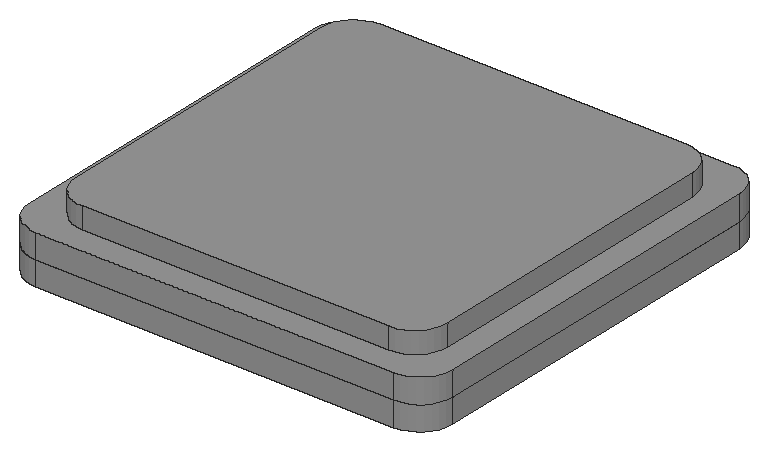
Revit family "FMS2_63_UN_Surface-mounted_ETK", category Lighting Fixtures, Revit 2019 (continued)
Definition of nested family "FMS.2 - Lightsource"
  Types (14, lengths in mm): name | Wattage Comments | Wattage | built-in parameter 1150134 | Photometric Web File | built-in parameter 1150142 | built-in parameter 1150105 | Lumens | built-in parameter 1150107 | built-in parameter 1150106 | Apparent Load
      775.0296\t769.878\t764.4402\t759.0024\t753.5646\t748.1268\t742.689\t737.2512\r\n732.0996\t725.8032\t719.2206\t712.638\t706.0554\t699.759\t693.1764\t686.5938\t680.0112\t673.7148\r\n667.1322\t660.5496\t654.2532\t647.6706\t641.088\t634.7916\t628.209\t621.6264\t615.33\t608.7474\r\n602.1648\t595.296\t587.8548\t580.4136\t573.2586\t565.8174\t558.6624\t551.2212\t544.0662\t536.625\r\n529.47\t522.0288\t514.8738\t507.4326\t500.2776\t492.8364\t485.6814\t478.2402\t471.0852\t463.644\r\n456.489\t448.7616\t441.0342\t433.3068\t425.5794\t417.852\t410.1246\t402.111\t394.3836\t386.6562\r\n378.9288\t371.2014\t363.474\t355.7466\t348.0192\t340.2918\t332.5644\t324.837\t317.1096\t309.3822\r\n301.6548\t294.2136\t286.7724\t279.1595\t271.7183\t264.2485\t256.7786\t249.3374\t241.8676\t234.4264\r\n226.9566\t219.4868\t212.0456\t204.5758\t197.1346\t189.6647\t182.2235\t174.7537\t167.3125\t159.8427\r\n152.4015\t137.7481\t122.4936\t107.2678\t92.0133\t76.7875\t61.533\t46.3072\t31.0527\t15.8183\r\n0.577\t0\t0\t0\t0\t0\t0\t0\t0\t0\r\n0\r\n985.6728\t985.1004\t984.2418\t983.3832\t982.5246\t981.9522\t981.0936\t980.5212\t979.6626\t979.0902\r\n978.2316\t977.6592\t976.8006\t975.942\t975.0834\t974.511\t973.6524\t972.7938\t971.9352\t971.0766\r\n970.218\t968.2146\t965.6388\t963.3492\t960.7734\t958.4838\t955.908\t953.6184\t951.0426\t948.4668\r\n946.1772\t943.6014\t941.0256\t938.4498\t936.1602\t933.5844\t931.0086\t928.4328\t925.857\t923.2812\r\n920.7054\t917.5572\t913.2642\t909.2574\t905.2506\t900.9576\t896.9508\t892.944\t888.9372\t884.6442\r\n880.6374\t876.6306\t872.3376\t868.3308\t864.324\t860.031\t856.0242\t852.0174\t848.0106\t843.7176\r\n839.7108\t835.4178\t829.6938\t824.256\t818.532\t813.0942\t807.6564\t802.2186\t796.4946\t791.0568\r\n785.619\t780.1812\t774.7434\t769.3056\t763.8678\t758.43\t752.9922\t747.5544\t742.1166\t736.6788\r\n731.241\t725.517\t718.9344\t712.3518\t705.7692\t699.4728\t692.8902\t686.3076\t679.725\t673.1424\r\n666.5598\t659.9772\t653.6808\t647.0982\t640.5156\t633.933\t627.3504\t621.054\t614.4714\t607.8888\r\n601.3062\t594.7236\t587.2824\t580.1274\t572.6862\t565.5312\t558.09\t550.935\t543.4938\t536.3388\r\n528.8976\t521.7426\t514.3014\t507.1464\t499.7052\t492.5502\t485.109\t477.954\t470.5128\t463.3578\r\n455.9166\t448.4754\t440.748\t433.0206\t425.2932\t417.5658\t409.5522\t401.8248\t394.0974\t386.37\r\n378.6426\t370.9152\t363.1878\t355.4604\t347.733\t340.0056\t331.992\t324.2646\t316.5372\t308.8098\r\n301.0824\t293.6412\t286.0569\t278.6157\t271.1745\t263.7333\t256.3207\t248.8795\t241.4383\t233.9971\r\n226.5845\t219.1433\t211.7021\t204.2896\t196.8484\t189.4358\t181.9946\t174.582\t167.1694\t159.7282\r\n152.3156\t139.408\t124.1822\t108.9563\t93.7019\t78.476\t63.2502\t47.9957\t32.7699\t17.5383\r\n2.3031\t0\t0\t0\t0\t0\t0\t0\t0\t0\r\n0\r\n985.6728\t984.8142\t984.2418\t983.3832\t982.5246\t981.9522\t981.0936\t980.5212\t979.6626\t978.804\r\n977.9454\t977.0868\t976.5144\t975.6558\t974.7972\t973.6524\t973.08\t972.2214\t971.3628\t970.7904\r\n969.9318\t968.787\t966.2112\t963.9216\t961.3458\t958.77\t956.1942\t953.6184\t951.3288\t948.753\r\n946.1772\t943.6014\t941.0256\t938.4498\t935.874\t933.2982\t930.7224\t928.1466\t925.5708\t922.995\r\n920.4192\t917.5572\t913.8366\t909.5436\t905.2506\t900.9576\t896.9508\t892.6578\t888.3648\t884.358\r\n880.065\t876.0582\t871.7652\t867.7584\t863.7516\t859.4586\t855.4518\t851.1588\t846.8658\t842.5728\r\n838.2798\t833.9868\t829.4076\t823.9698\t818.532\t812.808\t807.3702\t801.6462\t796.2084\t790.4844\r\n785.0466\t779.6088\t773.8848\t768.447\t762.723\t757.2852\t751.8474\t746.4096\t740.6856\t735.2478\r\n729.81\t724.3722\t718.9344\t712.3518\t705.7692\t699.1866\t692.604\t686.0214\t679.4388\t672.8562\r\n666.2736\t659.691\t653.1084\t646.812\t640.2294\t633.6468\t627.0642\t620.4816\t613.899\t607.3164\r\n600.7338\t593.865\t587.2824\t579.8412\t572.6862\t565.245\t557.8038\t550.3626\t543.2076\t535.7664\r\n528.3252\t521.1702\t513.729\t506.2878\t499.1328\t491.6916\t484.5366\t477.0954\t469.6542\t462.4992\r\n455.058\t447.903\t440.4618\t432.4482\t424.7208\t416.9934\t408.9798\t401.2524\t393.525\t385.7976\r\n377.784\t370.0566\t362.3292\t354.6018\t346.8744\t339.147\t331.4196\t323.6922\t315.9648\t308.2374\r\n300.51\t292.7826\t285.1983\t277.7571\t270.3445\t262.9319\t255.4907\t248.0782\t240.6656\t233.253\r\n225.8404\t218.4565\t211.0439\t203.6313\t196.2473\t188.8348\t181.4508\t174.0668\t166.6543\t159.2703\r\n151.8863\t141.898\t126.7007\t111.5035\t96.3349\t81.1377\t65.9405\t50.7433\t35.546\t20.346\r\n5.1516\t0\t0\t0\t0\t0\t0\t0\t0\t0\r\n0\r\n985.6728\t984.8142\t984.2418\t983.3832\t982.5246\t981.9522\t981.0936\t980.235\t979.3764\t978.5178\r\n977.9454\t976.8006\t975.942\t975.3696\t974.511\t973.9386\t973.08\t972.5076\t971.649\t970.7904\r\n969.9318\t969.0732\t966.7836\t964.2078\t961.632\t959.0562\t956.4804\t953.9046\t951.3288\t948.753\r\n946.1772\t943.6014\t940.7394\t937.8774\t935.3016\t932.4396\t929.8638\t927.0018\t924.426\t921.8502\r\n919.2744\t916.6986\t913.8366\t910.116\t905.823\t901.53\t897.237\t892.944\t888.651\t884.6442\r\n880.3512\t876.0582\t871.7652\t867.4722\t863.1792\t858.8862\t854.5932\t850.3002\t846.0072\t841.7142\r\n837.4212\t833.4144\t828.8352\t824.5422\t818.8182\t813.0942\t807.3702\t801.6462\t796.2084\t790.4844\r\n785.0466\t779.6088\t774.171\t768.447\t763.0092\t757.2852\t751.5612\t746.1234\t740.3994\t734.6754\r\n728.9514\t723.2274\t717.7896\t712.0656\t705.7692\t699.1866\t692.3178\t685.7352\t678.8664\t672.2838\r\n665.7012\t658.8324\t652.2498\t645.6672\t638.7984\t632.2158\t625.6332\t619.0506\t612.1818\t605.5992\r\n599.0166\t592.434\t585.8514\t578.9826\t572.1138\t564.6726\t557.2314\t549.7902\t542.349\t534.9078\r\n527.7528\t520.3116\t512.8704\t505.7154\t498.2742\t490.833\t483.678\t476.2368\t468.7956\t461.3544\r\n454.1994\t446.7582\t439.317\t431.8758\t424.1484\t416.421\t408.4074\t400.68\t392.9526\t384.939\r\n377.2116\t369.4842\t361.7568\t353.7432\t346.0158\t338.2884\t330.561\t322.5474\t314.82\t307.0926\r\n299.3652\t291.6378\t283.8818\t276.4406\t269.0566\t261.6727\t254.3173\t246.9334\t239.578\t232.2227\r\n224.8673\t217.512\t210.1567\t202.8013\t195.4746\t188.1193\t180.7925\t173.4658\t166.1105\t158.7838\r\n151.457\t144.1303\t130.4213\t115.2527\t100.0841\t84.9155\t69.7469\t54.5783\t39.4384\t24.264\r\n9.1012\t0\t0\t0\t0\t0\t0\t0\t0\t0\r\n0\r\n985.6728\t984.8142\t984.2418\t983.3832\t982.5246\t981.9522\t981.0936\t980.235\t979.3764\t978.5178\r\n977.6592\t977.0868\t976.2282\t975.3696\t974.7972\t973.9386\t973.08\t972.2214\t971.3628\t970.218\r\n969.3594\t968.5008\t967.356\t964.7802\t962.2044\t959.6286\t956.7666\t953.9046\t951.3288\t948.4668\r\n945.891\t943.3152\t940.4532\t937.8774\t935.0154\t932.4396\t929.5776\t926.7156\t923.8536\t920.9916\r\n918.4158\t915.5538\t912.978\t910.4022\t907.254\t902.6748\t898.0956\t893.5164\t888.9372\t884.6442\r\n880.3512\t876.0582\t871.7652\t867.186\t862.893\t858.3138\t854.0208\t849.7278\t845.1486\t840.8556\r\n836.2764\t831.6972\t827.118\t822.5388\t817.6734\t813.0942\t807.6564\t801.9324\t796.2084\t790.4844\r\n784.7604\t779.0364\t773.3124\t767.5884\t761.8644\t756.1404\t750.4164\t744.6924\t738.9684\t733.2444\r\n727.5204\t721.7964\t716.0724\t710.3484\t704.6244\t698.9004\t692.8902\t686.0214\t679.1526\t672.2838\r\n665.7012\t658.8324\t651.9636\t645.0948\t638.5122\t631.6434\t625.0608\t618.192\t611.6094\t604.7406\r\n598.158\t591.2892\t584.4204\t577.8378\t570.969\t564.1002\t556.9452\t549.504\t542.0628\t534.6216\r\n527.1804\t519.7392\t512.298\t504.8568\t497.4156\t489.9744\t482.5332\t475.092\t467.6508\t459.9234\r\n452.4822\t445.041\t437.5998\t430.1586\t423.0036\t415.2762\t407.5488\t399.8214\t391.8078\t384.0804\r\n376.353\t368.3394\t360.612\t352.8846\t344.871\t337.1436\t329.4162\t321.6888\t313.6752\t305.9478\r\n298.2204\t290.493\t282.737\t274.981\t267.4539\t260.1272\t252.8005\t245.4737\t238.1756\t230.8775\r\n223.6081\t216.31\t209.0405\t201.771\t194.5015\t187.232\t179.9626\t172.7217\t165.4522\t158.2114\r\n150.9419\t143.701\t135.2009\t120.0609\t104.9209\t89.7809\t74.641\t59.5296\t44.3896\t29.2496\r\n14.1154\t0\t0\t0\t0\t0\t0\t0\t0\t0\r\n0\r\n985.6728\t984.8142\t984.2418\t983.3832\t982.5246\t981.9522\t981.0936\t980.235\t979.3764\t978.5178\r\n977.9454\t977.0868\t976.5144\t975.3696\t974.511\t973.6524\t972.7938\t971.9352\t970.7904\t969.9318\r\n968.787\t967.6422\t966.4974\t965.0664\t962.4906\t959.9148\t957.0528\t954.477\t951.615\t949.0392\r\n946.1772\t943.3152\t940.4532\t937.5912\t934.7292\t931.8672\t929.0052\t926.1432\t922.995\t920.133\r\n916.9848\t913.8366\t910.9746\t908.3988\t905.5368\t902.6748\t898.9542\t894.375\t889.7958\t885.2166\r\n880.6374\t876.0582\t871.479\t866.8998\t862.3206\t857.4552\t852.876\t848.2968\t844.0038\t839.4246\r\n834.5592\t829.98\t825.4008\t820.8216\t816.2424\t811.6632\t807.084\t802.5048\t797.067\t791.0568\r\n785.0466\t779.3226\t773.3124\t767.3022\t761.292\t755.2818\t749.5578\t743.5476\t737.8236\t732.0996\r\n726.3756\t720.6516\t714.9276\t708.9174\t703.1934\t697.1832\t691.173\t685.449\t679.4388\t672.57\r\n665.7012\t658.8324\t651.9636\t644.8086\t637.9398\t631.071\t624.2022\t617.3334\t610.4646\t603.5958\r\n596.727\t589.8582\t583.2756\t576.4068\t569.538\t562.383\t555.5142\t548.6454\t541.7766\t534.3354\r\n526.608\t519.1668\t511.7256\t503.9982\t496.557\t489.1158\t481.3884\t473.9472\t466.2198\t458.7786\r\n451.3374\t443.8962\t436.455\t429.0138\t421.5726\t414.1314\t406.6902\t398.9628\t391.2354\t383.2218\r\n375.4944\t367.4808\t359.7534\t352.026\t344.0124\t336.285\t328.5576\t320.544\t312.8166\t305.0892\r\n297.3618\t289.6344\t281.7639\t274.0079\t266.2805\t258.5245\t251.255\t243.9569\t236.6874\t229.4465\r\n222.1771\t214.9362\t207.6953\t200.4831\t193.2422\t186.0586\t178.8464\t171.6628\t164.4791\t157.2955\r\n150.1119\t142.9569\t135.8019\t125.7563\t110.6449\t95.5622\t80.4508\t65.3681\t50.2853\t35.2026\r\n20.1227\t5.04\t0\t0\t0\t0\t0\t0\t0\t0\r\n0\r\n985.6728\t984.8142\t984.2418\t983.3832\t982.5246\t981.9522\t981.0936\t980.235\t979.3764\t978.804\r\n977.9454\t977.0868\t976.2282\t975.3696\t974.511\t973.6524\t972.5076\t971.649\t970.218\t969.0732\r\n967.9284\t966.4974\t965.3526\t964.2078\t962.7768\t960.4872\t957.6252\t954.7632\t952.1874\t949.0392\r\n946.1772\t943.029\t940.167\t937.305\t934.1568\t931.2948\t928.1466\t925.2846\t922.4226\t919.5606\r\n916.4124\t913.2642\t910.116\t906.9678\t903.5334\t900.3852\t896.9508\t893.8026\t890.3682\t885.789\r\n881.2098\t876.6306\t872.0514\t867.4722\t862.893\t858.0276\t853.4484\t848.8692\t844.0038\t839.1384\r\n834.273\t829.1214\t824.256\t819.3906\t814.5252\t809.6598\t804.7944\t799.929\t795.0636\t790.1982\r\n785.3328\t779.6088\t773.8848\t767.8746\t761.8644\t755.568\t749.5578\t743.5476\t737.5374\t731.241\r\n725.2308\t719.2206\t713.2104\t707.2002\t701.19\t695.1798\t689.1696\t683.1594\t677.1492\t671.139\r\n665.1288\t659.1186\t652.536\t645.381\t638.226\t631.3572\t624.2022\t617.0472\t610.1784\t603.0234\r\n595.8684\t588.7134\t581.8446\t574.6896\t567.8208\t560.952\t553.797\t546.9282\t539.7732\t532.9044\r\n525.7494\t518.8806\t511.1532\t503.4258\t495.6984\t488.2572\t480.5298\t472.8024\t465.3612\t457.6338\r\n450.1926\t442.4652\t434.7378\t427.2966\t419.5692\t412.128\t404.4006\t396.9594\t389.232\t381.7908\r\n374.0634\t366.336\t358.3224\t350.595\t342.5814\t334.854\t327.1266\t319.113\t311.3856\t303.6582\r\n295.9308\t287.9172\t280.3043\t272.5769\t264.8495\t257.1793\t249.5092\t241.9535\t234.7699\t227.6149\r\n220.4599\t213.3049\t206.1785\t199.0521\t191.9543\t184.828\t177.7302\t170.6324\t163.5347\t156.4655\r\n149.3964\t142.3559\t135.3154\t128.2748\t117.7141\t102.6313\t87.52\t72.4372\t57.3545\t42.2717\r\n27.1776\t12.0919\t0\t0\t0\t0\t0\t0\t0\t0\r\n0\r\n985.6728\t985.1004\t984.2418\t983.3832\t982.8108\t981.9522\t981.0936\t980.5212\t979.6626\t978.804\r\n978.2316\t977.373\t976.2282\t975.3696\t974.511\t973.3662\t972.2214\t970.7904\t969.6456\t968.2146\r\n967.0698\t965.6388\t964.494\t963.063\t961.632\t960.201\t958.1976\t955.0494\t952.1874\t949.3254\r\n946.4634\t943.3152\t940.4532\t937.5912\t934.443\t931.581\t928.4328\t925.2846\t921.8502\t918.702\r\n915.2676\t912.1194\t908.685\t905.5368\t902.1024\t898.668\t895.5198\t892.0854\t888.9372\t885.5028\r\n882.3546\t878.634\t873.4824\t868.3308\t863.1792\t858.6\t853.7346\t848.8692\t843.7176\t838.8522\r\n833.7006\t828.8352\t823.6836\t818.532\t813.6666\t808.515\t803.6496\t798.498\t793.3464\t788.1948\r\n783.0432\t777.8916\t772.74\t767.5884\t762.4368\t756.1404\t750.1302\t744.12\t738.1098\t731.8134\r\n725.2308\t718.9344\t712.638\t706.3416\t700.0452\t694.035\t687.7386\t681.4422\t675.1458\t668.8494\r\n662.553\t656.2566\t650.2464\t643.95\t637.6536\t631.3572\t624.2022\t617.0472\t609.8922\t602.7372\r\n595.5822\t588.7134\t581.5584\t574.1172\t566.9622\t559.521\t552.0798\t544.9248\t537.7698\t530.901\r\n523.746\t516.591\t509.436\t502.281\t495.4122\t487.971\t480.2436\t472.5162\t464.5026\t456.7752\r\n449.0478\t441.3204\t433.593\t425.8656\t418.1382\t410.4108\t402.6834\t395.2422\t387.5148\t379.7874\r\n372.3462\t364.6188\t357.1776\t349.4502\t341.4366\t333.7092\t325.6956\t317.9682\t310.2408\t302.2272\r\n294.4998\t286.7724\t279.0164\t271.289\t263.5616\t255.8342\t248.164\t240.4939\t232.8809\t225.3825\r\n218.3134\t211.2442\t204.2037\t197.1918\t190.1513\t183.168\t176.1561\t169.1728\t162.1895\t155.2349\r\n148.2802\t141.3256\t134.3995\t127.5021\t120.5761\t110.5304\t95.4477\t80.365\t65.2822\t50.1995\r\n35.1454\t20.0655\t4.9971\t0\t0\t0\t0\t0\t0\t0\r\n0\r\n985.6728\t985.1004\t984.2418\t983.3832\t982.8108\t981.9522\t981.3798\t980.5212\t979.9488\t979.0902\r\n978.2316\t977.373\t976.5144\t975.3696\t974.511\t973.08\t971.649\t970.218\t969.0732\t967.6422\r\n966.4974\t965.0664\t963.3492\t961.9182\t960.201\t958.1976\t956.4804\t954.7632\t953.3322\t950.184\r\n947.322\t944.1738\t941.3118\t938.1636\t935.0154\t931.581\t928.4328\t924.9984\t921.8502\t918.4158\r\n915.2676\t911.547\t908.1126\t904.6782\t901.53\t898.0956\t894.6612\t890.6544\t886.9338\t883.2132\r\n879.4926\t876.0582\t872.3376\t868.3308\t864.324\t859.7448\t854.5932\t849.4416\t844.29\t839.4246\r\n834.5592\t829.4076\t823.9698\t818.532\t813.3804\t807.9426\t802.791\t797.6394\t792.2016\t787.05\r\n781.6122\t776.1744\t770.7366\t765.2988\t759.861\t754.4232\t748.9854\t743.5476\t738.396\t732.3858\r\n726.0894\t719.5068\t713.2104\t706.914\t700.3314\t693.4626\t686.88\t680.2974\t674.001\t667.7046\r\n661.4082\t654.5394\t647.9568\t641.3742\t634.7916\t628.4952\t622.1988\t615.9024\t609.3198\t602.7372\r\n596.1546\t588.7134\t581.2722\t573.831\t566.3898\t558.9486\t551.7936\t544.3524\t537.1974\t529.7562\r\n522.315\t514.8738\t507.4326\t499.9914\t492.8364\t485.3952\t478.2402\t471.0852\t463.644\t456.2028\r\n448.1892\t440.1756\t432.4482\t424.7208\t416.9934\t409.266\t401.5386\t393.525\t385.7976\t378.0702\r\n370.3428\t362.6154\t354.888\t347.1606\t339.7194\t331.992\t324.2646\t316.5372\t308.8098\t300.7962\r\n293.0688\t285.3128\t277.5854\t269.8294\t262.1306\t254.4318\t246.7616\t239.1487\t231.5358\t223.9515\r\n216.3672\t208.8115\t201.771\t194.8163\t187.8903\t180.9643\t174.0668\t167.198\t160.3292\t153.4891\r\n146.6489\t139.8373\t133.0544\t126.2714\t119.4885\t112.7342\t104.1768\t89.1227\t74.0399\t58.9858\r\n43.9317\t28.8776\t13.8378\t0\t0\t0\t0\t0\t0\t0\r\n0\r\n985.6728\t985.1004\t984.2418\t983.6694\t982.8108\t982.2384\t981.3798\t980.8074\t980.235\t979.3764\r\n978.5178\t977.373\t976.5144\t975.6558\t974.2248\t972.7938\t971.3628\t969.9318\t968.787\t967.356\r\n965.6388\t964.2078\t962.4906\t960.4872\t958.77\t957.0528\t955.3356\t953.6184\t951.615\t949.8978\r\n947.6082\t945.3186\t942.1704\t939.0222\t935.5878\t932.4396\t929.0052\t925.857\t922.1364\t918.702\r\n915.2676\t911.8332\t908.3988\t904.6782\t900.9576\t896.9508\t893.2302\t889.5096\t885.789\t881.7822\r\n877.7754\t873.4824\t869.4756\t865.4688\t861.7482\t858.0276\t854.0208\t849.7278\t845.1486\t840.8556\r\n835.704\t830.5524\t825.1146\t819.3906\t813.9528\t808.515\t803.0772\t797.6394\t791.9154\t786.4776\r\n780.7536\t775.3158\t769.878\t764.4402\t758.7162\t753.2784\t747.5544\t741.5442\t735.534\t729.81\r\n724.086\t718.362\t712.638\t706.6278\t700.6176\t694.035\t687.4524\t680.8698\t674.001\t667.1322\r\n660.5496\t653.6808\t646.812\t639.9432\t633.3606\t626.778\t620.1954\t613.6128\t606.744\t599.8752\r\n593.0064\t586.4238\t579.8412\t572.9724\t566.3898\t559.521\t551.7936\t544.0662\t536.625\t529.1838\r\n521.4564\t514.0152\t506.574\t498.8466\t491.4054\t483.678\t476.2368\t468.5094\t461.0682\t453.627\r\n446.1858\t438.7446\t431.3034\t423.8622\t416.1348\t408.1212\t400.3938\t392.3802\t384.6528\t376.9254\r\n368.9118\t361.1844\t353.1708\t345.4434\t337.716\t329.9886\t322.2612\t314.82\t307.0926\t299.6514\r\n291.924\t283.939\t276.1258\t268.3411\t260.5851\t252.8863\t245.2448\t237.6319\t230.0762\t222.5491\r\n215.0507\t207.5809\t200.1683\t192.6985\t185.429\t178.5888\t171.7772\t164.9943\t158.2686\t151.5429\r\n144.8458\t138.206\t131.5661\t124.9263\t118.3437\t111.7611\t105.1785\t98.6531\t84.0856\t68.9742\r\n53.8342\t38.7229\t23.6115\t8.5001\t0\t0\t0\t0\t0\t0\r\n0\r\n985.6728\t985.1004\t984.2418\t983.6694\t983.097\t982.2384\t981.666\t981.0936\t980.235\t979.3764\r\n978.5178\t977.6592\t976.8006\t975.3696\t973.9386\t972.5076\t971.0766\t969.9318\t968.5008\t966.7836\r\n965.3526\t963.3492\t961.632\t959.9148\t958.1976\t956.1942\t954.477\t952.4736\t950.4702\t948.1806\r\n946.1772\t943.8876\t941.598\t939.3084\t937.0188\t933.8706\t930.15\t926.7156\t923.2812\t919.8468\r\n916.1262\t912.4056\t908.685\t904.6782\t900.9576\t896.9508\t892.944\t888.651\t884.6442\t880.6374\r\n876.6306\t872.91\t868.9032\t864.324\t860.031\t855.738\t851.445\t847.152\t842.5728\t837.7074\r\n833.1282\t828.8352\t824.5422\t819.963\t815.3838\t810.5184\t804.7944\t799.3566\t793.6326\t787.9086\r\n782.1846\t776.1744\t770.1642\t764.154\t758.1438\t752.1336\t746.1234\t740.3994\t734.3892\t728.379\r\n722.3688\t716.3586\t710.3484\t704.052\t698.0418\t691.7454\t685.449\t679.4388\t673.4286\t667.4184\r\n661.122\t654.2532\t647.3844\t640.5156\t633.6468\t626.4918\t619.3368\t612.1818\t605.0268\t597.8718\r\n591.003\t583.848\t577.2654\t570.3966\t563.2416\t556.3728\t549.2178\t542.349\t535.194\t528.3252\r\n521.4564\t514.3014\t506.8602\t498.8466\t491.1192\t483.1056\t475.3782\t467.6508\t459.9234\t452.196\r\n444.4686\t436.7412\t429.3\t421.5726\t414.1314\t406.404\t398.9628\t391.2354\t383.7942\t376.0668\r\n368.0532\t360.0396\t352.026\t344.0124\t335.9988\t328.2714\t320.2578
